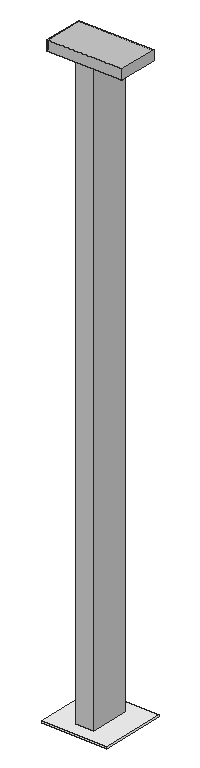
Revit family "BE_84276_de_DE", category Leuchten, Revit 2020
Family settings
  Basisbauteil = Fläche
  Bemaßung runder Anschluss = Durchmesser verwenden
  Teiletyp = Normal
  Beim Laden mit Abzugskörper schneiden = Ja
  Lichtquelle = Nein
  Gemeinsam genutzt = Nein
  Raumberechnungspunkt = Ja
Parameters (values of type "BEGA_84276_Silber_K4")
  Default Elevation = 0 mm
  Umgebungstemperatur = "25 °C"
  URL = "https://www.bega.com/de/produkt/84276"
  Typenkommentare = "© 2022 BEGA. Wir behalten uns das Recht vor, technische Änderungen ohne vorherige Ankündigung vorzunehmen."  # constant formula
  Typenbild = 84276.png
  Strom = ""
  Spannung = 239.996 V
  Sonderanfertigung = no
  Seriennummer [instance] = "Hier können Sie die eindeutige Seriennummer für das Facility Management eintragen."
  Schutzklasse = "I"
  Schutzart = "IP 65"
  Scheinlast = 0 VA
  Produktdatenblatt = "https://cdn.bega.com/bega/products/84276AK3/current/documents/data-sheets/de"
  Oberflächentemperatur = ""
  Modell = "84276AK4"
  Material_17 = BEGA_Reflektor
  Material_15 = BEGA_Leuchtmedium_matt
  Material_11 = BEGA_Glas_opal
  Material_09 = BEGA_Glas_klar
  Material_06 = BEGA_Oberfläche_Edelstahl_gebürstet
  Material_03 = BEGA_Oberfläche_Weiss_matt
  Material_02 = BEGA_Oberfläche_Silber_matt
  Material_01 [instance] = BEGA_Oberfläche_Grafit_matt
  M_W = no
  M_G = no
  M_A = yes
  Logo = 0
  Leuchtenlichtstrom = "5042 lm"
  Leuchtenanzahl = ""
  Lebensdauerkriterien = "L70B50 @ 25 °C = 200000 h"
  Lastklassifizierung = Beleuchtung
  Lampenlichtstrom = "6870 lm"
  Lampe = "LED 35.2 W"
  LED_Modulbezeichnung = "LED-0313/840"
  Hersteller = "BEGA"  # constant formula
  Halbstreuwinkel = ""
  Gewicht = "34.85 kg"
  Gebrauchslageneinschränkung [instance] = ""
  Frequenz = "0/50-60 Hz"
  Farbwiedergabeindex = "CRI > 80"
  Farbtemperatur = "4000 K"
  Energieeffizienzklasse = "LED A++ - A"
  ENEC = "ja"
  Dimmbar [instance] = "DALI"
  CE_Konformität = "ja"
  Bestellnummer = "84276AK4"
  Beschreibung_Sonderanfertigung = "Hier können Sie Informationen zur Sonderanfertigung eintragen."
  Beschreibung = "Lichtbauelement"
  Befestigungsbohrung = ""
  Befestigungsabstand = ""
  Ballwurfsicher = ""
  BEGA_Intern_aus = yes
  BEGA_Intern_an = yes
  BEGA_Intern_Konstruktion = yes
  BEGA_Intern = yes
  BEGA_IES2 = yes
  BEGA_IES1 = no
  BEGA_IES = yes
  BEGA_Dummy = no
  Anschlussleitung = ""
  Anschlussleistung [instance] = "38.3 W"
  Anschlusskasten = ""
  Aktualisierung = "2022-05-19T04:00:07"
  Abstand_zur_angestrahlten_Fläche [instance] = ""
  AC/DC = "AC/DC"
Types (4, lengths in mm): name | Modell | M_G | M_A | Leuchtenlichtstrom | Lampenlichtstrom | LED_Modulbezeichnung | Farbtemperatur | Bestellnummer | BEGA_IES2 | BEGA_IES1
  BEGA_84276_Grafit_K3 | "84276K3" | yes | no | "4902 lm" | "6680 lm" | "LED-0313/830" | "3000 K" | "84276K3" | no | yes
  BEGA_84276_Grafit_K4 | "84276K4" | yes | no | "5042 lm" | "6870 lm" | "LED-0313/840" | "4000 K" | "84276K4" | yes | no
  BEGA_84276_Silber_K4 | "84276AK4" | no | yes | "5042 lm" | "6870 lm" | "LED-0313/840" | "4000 K" | "84276AK4" | yes | no
  BEGA_84276_Silber_K3 | "84276AK3" | no | yes | "4902 lm" | "6680 lm" | "LED-0313/830" | "3000 K" | "84276AK3" | no | yes
Reference planes
  plane 1 "Mitte (Vorne/Hinten)": y = 0
  plane 2: z = 0
  plane 3 "Mitte (Links/Rechts)": x = 0
  plane 4 "Links": x = -230
  plane 5 "Rechts": x = 230
  plane 6 "Unten": y = -120
  plane 7 "Oben": y = 120
  plane 8 "Vorne": z = 3699
  plane 9 "Hinten": z = 0
Forms (mm)
  Extrusion 1, solid, material "BEGA_Platte_Weiss"
    sketch origin (0, -1119.2, 0) x (1, 0, 0) y (0, 1, 0)
      loop
        line (-200, 1319.2) -> (-200, 919.2) -> (200, 919.2) -> (200, 1319.2) -> (-200, 1319.2)
    from 0 to -10
  Extrusion 2, solid, material "BEGA_Dummy_matt", visible <- "BEGA_Dummy"
    sketch origin (80.095, -76.023, 0) x (1, 0, 0) y (0, 1, 0)
      loop
        line (-310.095, 196.023) -> (-310.095, -43.977) -> (149.905, -43.977) -> (149.905, 196.023) -> (-310.095, 196.023)
    from 0 to 3699
Dimensions and locks
  plane 1 "Mitte (Vorne/Hinten)" to Extrusion 1 = 200 mm
  aligned and locked: plane 2 to Extrusion 1
  aligned and locked: level to Extrusion 1
Nested families
  nested 1: "BE_84276" at (0, 0, 0) x (0, 1, 0) z (0, 0, 1), type "BE_84276"
    with M_W no, M_G no, BEGA_IES1 no
Connectors
  electrical at (0, 0, 0), driven by "Lastklassifizierung", driven by "Spannung", driven by "Scheinlast"
    settings: index 1, voltage 239.996 V, apparent load 0 VA, apparent load phase1 0 VA, apparent load phase2 0 VA, apparent load phase3 0 VA, power factor 1, load classification "Beleuchtung", number of poles 1, system type 31, power factor state 1, is connector primary yes, connector utility no, sub classification motor no, connector description ""
Definition of nested family "BE_84276"
  Parameters (values of type "BE_84276")
    Default Elevation = 1 mm
    URL = "http://www.bega.de/de/produkt"
    Type Comments = "© 2015 BEGA. Wir behalten uns das Recht vor, technische Änderungen ohne vorherige Ankündigung vorzunehmen. "  # constant formula
    Type Image = (empty or 0)
    Neigungswinkel_um_Z2 = 0.00°
    Neigungswinkel_um_Z1 = 0.00°
    Neigungswinkel_um_Y2 = 0.00°
    Neigungswinkel_um_Y1 = 0.00°
    Neigungswinkel_um_X2 = 0.00°
    Neigungswinkel_um_X1 = 0.00°
    Material_17 = none
    Material_15 = none
    Material_11 = none
    Material_09 = none
    Material_06 = none
    Material_02 = none
    Material_01 = none
    M_W = yes
    M_G = yes
    M_A = yes
    Länge_Platte = 200 mm  # constant formula
    Höhe_Platte = -10 mm  # constant formula
    Manufacturer = "BEGA"  # constant formula
    Drehwinkel_um_Z2 = 0.00°
    Drehwinkel_um_Z1 = 0.00°
    Breite_Platte = 200 mm  # constant formula
    BEGA_IES2 = yes
    BEGA_IES1 = yes
  Reference planes
    plane 1 "Mitte (Oben/Unten)": y = 0
    plane 2: z = 0
    plane 3 "Mitte (Links/Rechts)": x = 0
    plane 4: z = 3699
    plane 5: x = 120
    plane 6: z = 0
    plane 7: x = -120
    plane 8: y = 230
    plane 9: y = -230
  Forms (mm)
    Extrusion 1, solid, detail levels medium
      sketch origin (0, 0, 0) x (1, 0, 0) y (0, 1, 0)
        loop
          line (-100, 100) -> (-100, -100) -> (100, -100) -> (100, 100) -> (-100, 100)
      from 0 to -10 <- "Höhe_Platte"
    Extrusion 2, solid, material <- "Material_01", visible <- "M_G"
      sketch origin (0, 0, 0) x (1, 0, 0) y (0, 1, 0)
        loop
          line (120, -55) -> (120, 55) -> (-120, 55) -> (-120, -55) -> (120, -55)
        loop
          line (116, -51) -> (116, 51.975) -> (-116, 51.975) -> (-116, -51) -> (116, -51)
      from 0 to 3635.9
    Extrusion 3, solid, material <- "Material_01", visible <- "M_G"
      sketch origin (0, 2, 0) x (1, 0, 0) y (0, 1, 0)
        loop
          line (120, 228) -> (-120, 228) -> (-120, -232) -> (120, -232) -> (120, 228)
        loop
          line (-117.474, -229.474) -> (117.474, -229.474) -> (117.474, 225.474) -> (-117.474, 225.474) -> (-117.474, -229.474)
      from 3639.5 to 3696
    Extrusion 4, solid, material <- "Material_01", visible <- "M_G"
      sketch origin (0, 0, 0) x (1, 0, 0) y (0, 1, 0)
        loop
          line (-120, -230) -> (120, -230) -> (120, 230) -> (-120, 230) -> (-120, -230)
      from 3696 to 3699
    Extrusion 5, solid, material <- "Material_01", visible <- "M_G"
      sketch origin (0, 0, 0) x (1, 0, 0) y (0, 1, 0)
        loop
          line (-117.474, 227.474) -> (-117.474, -227.474) -> (117.474, -227.474) -> (117.474, 227.474) -> (-117.474, 227.474)
        loop
          line (-107.474, 220.544) -> (-107.474, 60.456) -> (107.474, 60.456) -> (107.474, 220.544) -> (-107.474, 220.544)
        loop
          line (-107.474, -220.544) -> (107.474, -220.544) -> (107.474, -60.456) -> (-107.474, -60.456) -> (-107.474, -220.544)
      from 3635.9 to 3639.5
    Extrusion 6, solid, material <- "Material_09"
      sketch origin (0, 0, 0) x (0, 1, 0) y (0, 0, 1)
        loop
          line (220.5, 3636.4) -> (220.5, 3640.4) -> (60.5, 3640.4) -> (60.5, 3636.4) -> (220.5, 3636.4)
      from -107.474 to 107.474
    Extrusion 7, solid, material <- "Material_17"
      sketch origin (0, 0, 0) x (0, 1, 0) y (0, 0, 1)
        loop
          arc (212.73, 3645.6) -> (163.423, 3672.067) -> (108.727, 3683.9) r 200.8
          line (108.727, 3683.9) -> (99.596, 3683.9) -> (97.307, 3679.936) -> (98, 3679.536) -> (100, 3683) -> (110, 3683)
          arc (110, 3683) -> (163.895, 3671.04) -> (212.468, 3644.8) r 200
          line (212.468, 3644.8) -> (215.468, 3644.8) -> (215.468, 3645.6) -> (212.73, 3645.6)
        loop
          line (89.307, 3666.079) -> (84.208, 3657.247)
          arc (84.208, 3657.247) -> (84.397, 3651.38) -> (85.426, 3645.6) r 40.8
          line (85.426, 3645.6) -> (64.468, 3645.6) -> (64.468, 3644.8) -> (86.468, 3644.8)
          arc (86.468, 3644.8) -> (85.261, 3650.853) -> (85, 3657.019) r 40
          line (85, 3657.019) -> (90, 3665.679) -> (89.307, 3666.079)
      from -107.474 to 107.474
    Extrusion 8, solid, material <- "Material_17"
      sketch origin (0, 0, 0) x (0, 1, 0) y (0, 0, 1)
        loop
          line (215.468, 3644.8) -> (215.468, 3645.6) -> (212.73, 3645.6)
          arc (212.73, 3645.6) -> (163.423, 3672.067) -> (108.727, 3683.9) r 200.8
          line (108.727, 3683.9) -> (99.596, 3683.9) -> (84.208, 3657.247)
          arc (84.208, 3657.247) -> (84.397, 3651.38) -> (85.426, 3645.6) r 40.8
          line (85.426, 3645.6) -> (64.468, 3645.6) -> (64.468, 3644.8) -> (215.468, 3644.8)
      from 42 to 107.474
    Extrusion 9, solid, material <- "Material_17"
      sketch origin (0, 0, 0) x (0, 1, 0) y (0, 0, -1)
        loop
          line (215.468, -3644.8) -> (64.468, -3644.8) -> (64.468, -3645.6) -> (85.426, -3645.6)
          arc (85.426, -3645.6) -> (84.397, -3651.38) -> (84.208, -3657.247) r 40.8
          line (84.208, -3657.247) -> (99.596, -3683.9) -> (108.727, -3683.9)
          arc (108.727, -3683.9) -> (163.423, -3672.067) -> (212.73, -3645.6) r 200.8
          line (212.73, -3645.6) -> (215.468, -3645.6) -> (215.468, -3644.8)
      from 42 to 107.474
    Extrusion 10, void
      sketch origin (0, 0, 0) x (1, 0, 0) y (0, 0, 1)
        loop
          line (-107.474, 3644.8) -> (-42, 3644.8) -> (-42, 3654.002) -> (-107.474, 3644.8)
      from -212.73 to -86.468
    Extrusion 11, void
      sketch origin (0, 0, 0) x (-1, 0, 0) y (0, 0, -1)
        loop
          line (-107.474, -3644.8) -> (-42, -3654.002) -> (-42, -3644.8) -> (-107.474, -3644.8)
      from -212.73 to -86.468
    Extrusion 12, solid, material <- "Material_15"
      sketch origin (0, 0, 0) x (0, 1, 0) y (0, 0, 1)
        loop
          line (101.755, 3690.114) -> (100.196, 3691.014) -> (81.196, 3658.105) -> (82.755, 3657.205) -> (101.755, 3690.114)
      from -42 to 42
    Extrusion 13, solid, material <- "Material_02", visible <- "M_A"
      sketch origin (0, 0, 0) x (1, 0, 0) y (0, 1, 0)
        loop
          line (120, -55) -> (120, 55) -> (-120, 55) -> (-120, -55) -> (120, -55)
        loop
          line (116, -51) -> (116, 51.975) -> (-116, 51.975) -> (-116, -51) -> (116, -51)
      from 0 to 3635.9
    Extrusion 14, solid, material <- "Material_02", visible <- "M_A"
      sketch origin (0, 2, 0) x (1, 0, 0) y (0, 1, 0)
        loop
          line (120, 228) -> (-120, 228) -> (-120, -232) -> (120, -232) -> (120, 228)
        loop
          line (-117.474, -229.474) -> (117.474, -229.474) -> (117.474, 225.474) -> (-117.474, 225.474) -> (-117.474, -229.474)
      from 3639.5 to 3696
    Extrusion 15, solid, material <- "Material_02", visible <- "M_A"
      sketch origin (0, 0, 0) x (1, 0, 0) y (0, 1, 0)
        loop
          line (-120, -230) -> (120, -230) -> (120, 230) -> (-120, 230) -> (-120, -230)
      from 3696 to 3699
    Extrusion 16, solid, material <- "Material_02", visible <- "M_A"
      sketch origin (0, 0, 0) x (1, 0, 0) y (0, 1, 0)
        loop
          line (-117.474, 227.474) -> (-117.474, -227.474) -> (117.474, -227.474) -> (117.474, 227.474) -> (-117.474, 227.474)
        loop
          line (-107.474, 220.544) -> (-107.474, 60.456) -> (107.474, 60.456) -> (107.474, 220.544) -> (-107.474, 220.544)
        loop
          line (-107.474, -220.544) -> (107.474, -220.544) -> (107.474, -60.456) -> (-107.474, -60.456) -> (-107.474, -220.544)
      from 3635.9 to 3639.5
    Extrusion 17, solid, material <- "Material_17"
      sketch origin (0, 0, 0) x (0, -1, 0) y (0, 0, -1)
        loop
          line (212.73, -3645.6) -> (215.468, -3645.6) -> (215.468, -3644.8) -> (212.468, -3644.8)
          arc (212.468, -3644.8) -> (163.895, -3671.04) -> (110, -3683) r 200
          line (110, -3683) -> (100, -3683) -> (98, -3679.536) -> (97.307, -3679.936) -> (99.596, -3683.9) -> (108.727, -3683.9)
          arc (108.727, -3683.9) -> (163.423, -3672.067) -> (212.73, -3645.6) r 200.8
        loop
          line (89.307, -3666.079) -> (90, -3665.679) -> (85, -3657.019)
          arc (85, -3657.019) -> (85.261, -3650.853) -> (86.468, -3644.8) r 40
          line (86.468, -3644.8) -> (64.468, -3644.8) -> (64.468, -3645.6) -> (85.426, -3645.6)
          arc (85.426, -3645.6) -> (84.397, -3651.38) -> (84.208, -3657.247) r 40.8
          line (84.208, -3657.247) -> (89.307, -3666.079)
      from -107.474 to 107.474
    Extrusion 18, solid, material <- "Material_17"
      sketch origin (0, 0, 0) x (0, -1, 0) y (0, 0, -1)
        loop
          line (215.468, -3644.8) -> (64.468, -3644.8) -> (64.468, -3645.6) -> (85.426, -3645.6)
          arc (85.426, -3645.6) -> (84.397, -3651.38) -> (84.208, -3657.247) r 40.8
          line (84.208, -3657.247) -> (99.596, -3683.9) -> (108.727, -3683.9)
          arc (108.727, -3683.9) -> (163.423, -3672.067) -> (212.73, -3645.6) r 200.8
          line (212.73, -3645.6) -> (215.468, -3645.6) -> (215.468, -3644.8)
      from 42 to 107.474
    Extrusion 19, solid, material <- "Material_17"
      sketch origin (0, 0, 0) x (0, -1, 0) y (0, 0, 1)
        loop
          line (215.468, 3644.8) -> (215.468, 3645.6) -> (212.73, 3645.6)
          arc (212.73, 3645.6) -> (163.423, 3672.067) -> (108.727, 3683.9) r 200.8
          line (108.727, 3683.9) -> (99.596, 3683.9) -> (84.208, 3657.247)
          arc (84.208, 3657.247) -> (84.397, 3651.38) -> (85.426, 3645.6) r 40.8
          line (85.426, 3645.6) -> (64.468, 3645.6) -> (64.468, 3644.8) -> (215.468, 3644.8)
      from 42 to 107.474
    Extrusion 20, void
      sketch origin (0, 0, 0) x (-1, 0, 0) y (0, 0, 1)
        loop
          line (-107.474, 3644.8) -> (-42, 3644.8) -> (-42, 3654.002) -> (-107.474, 3644.8)
      from -212.73 to -86.468
    Extrusion 21, void
      sketch origin (0, 0, 0) x (1, 0, 0) y (0, 0, -1)
        loop
          line (-107.474, -3644.8) -> (-42, -3654.002) -> (-42, -3644.8) -> (-107.474, -3644.8)
      from -212.73 to -86.468
    Extrusion 22, solid, material <- "Material_09"
      sketch origin (0, 0, 0) x (0, -1, 0) y (0, 0, -1)
        loop
          line (220.5, -3636.4) -> (60.5, -3636.4) -> (60.5, -3640.4) -> (220.5, -3640.4) -> (220.5, -3636.4)
      from -107.474 to 107.474
    Extrusion 23, solid, material <- "Material_15"
      sketch origin (0, 0, 0) x (0, -1, 0) y (0, 0, -1)
        loop
          line (101.755, -3690.114) -> (82.755, -3657.205) -> (81.196, -3658.105) -> (100.196, -3691.014) -> (101.755, -3690.114)
      from -42 to 42
  Cuts and joins
    Extrusion 10 cuts Extrusion 3
    Extrusion 10 cuts Extrusion 4
    joined: Extrusion 3, Extrusion 4
    Extrusion 20, Extrusion 21 cuts Extrusion 7
    Extrusion 11, Extrusion 20, Extrusion 21 cuts Extrusion 8
    Extrusion 10, Extrusion 11, Extrusion 20, Extrusion 21 cuts Extrusion 9
    joined: Extrusion 7, Extrusion 8, Extrusion 9
    joined: Extrusion 14, Extrusion 15
    Extrusion 20 cuts Extrusion 18
    Extrusion 21 cuts Extrusion 19
    joined: Extrusion 17, Extrusion 18, Extrusion 19
  Dimensions and locks
    equal spacing: Extrusion 1 sketch curve, plane 3 "Mitte (Links/Rechts)", Extrusion 1 sketch curve
    equal spacing: Extrusion 1 sketch curve, plane 1 "Mitte (Oben/Unten)", Extrusion 1 sketch curve
    "Länge_Platte": Extrusion 1 sketch curve to Extrusion 1 sketch curve
    "Breite_Platte": Extrusion 1 sketch curve to Extrusion 1 sketch curve
    aligned and locked: plane 2 to Extrusion 1
    aligned and locked: level to Extrusion 1
  Automatic sketch dimensions
    Extrusion 2 sketch curve to plane 7 = 0 mm
    Extrusion 2 sketch curve to plane 5 = 0 mm
    plane 7 to Extrusion 2 sketch curve = 4 mm
    plane 5 to Extrusion 2 sketch curve = 4 mm
    Extrusion 2 sketch curve to plane 1 "Mitte (Oben/Unten)" = 51.975 mm
    Extrusion 2 sketch curve to Extrusion 2 sketch curve = 3.025 mm
    Extrusion 3 sketch curve to plane 7 = 0 mm
    Extrusion 3 sketch curve to plane 5 = 0 mm
    plane 7 to Extrusion 3 sketch curve = 2.526 mm
    plane 5 to Extrusion 3 sketch curve = 2.526 mm
    Extrusion 3 sketch curve to Extrusion 3 sketch curve = 2.526 mm  (x2)
    Extrusion 4 sketch curve to plane 7 = 0 mm
    Extrusion 4 sketch curve to plane 5 = 0 mm
    plane 7 to Extrusion 5 sketch curve = 2.526 mm
    Extrusion 5 sketch curve to Extrusion 5 sketch curve = 10 mm  (x2)
    plane 5 to Extrusion 5 sketch curve = 12.526 mm  (x2)
    plane 5 to Extrusion 5 sketch curve = 2.526 mm
    Extrusion 5 sketch curve to Extrusion 5 sketch curve = 6.931 mm  (x2)
    Extrusion 5 sketch curve to plane 1 "Mitte (Oben/Unten)" = 60.456 mm
    Extrusion 6 sketch curve to plane 1 "Mitte (Oben/Unten)" = 60.5 mm
    Extrusion 6 sketch curve to plane 4 = 62.6 mm
    Extrusion 6 sketch curve to Extrusion 6 sketch curve = 4 mm
    Extrusion 7 sketch curve to Extrusion 7 sketch curve = 0 mm  (x5)
    Extrusion 7 sketch curve to plane 1 "Mitte (Oben/Unten)" = 64.468 mm
    Extrusion 7 sketch curve to plane 4 = 41.753 mm
    Extrusion 7 sketch curve to Extrusion 7 sketch curve = 19.74 mm
    Extrusion 7 sketch curve to plane 4 = 41.981 mm
    Extrusion 7 sketch curve to Extrusion 7 sketch curve = 0.792 mm
    Extrusion 7 sketch curve to Extrusion 7 sketch curve = 0.426 mm
    Extrusion 7 sketch curve to Extrusion 7 sketch curve = 1.042 mm
    Extrusion 7 sketch curve to plane 4 = 32.921 mm
    Extrusion 7 sketch curve to Extrusion 7 sketch curve = 4.307 mm
    Extrusion 7 sketch curve to plane 4 = 33.321 mm
    Extrusion 7 sketch curve to Extrusion 7 sketch curve = 0.693 mm  (x2)
    Extrusion 7 sketch curve to plane 1 "Mitte (Oben/Unten)" = 94.032 mm
    Extrusion 7 sketch curve to plane 4 = 19.064 mm
    Extrusion 7 sketch curve to Extrusion 7 sketch curve = 8 mm
    Extrusion 7 sketch curve to plane 4 = 19.464 mm
    Extrusion 7 sketch curve to plane 4 = 15.1 mm
    Extrusion 7 sketch curve to Extrusion 7 sketch curve = 2.289 mm
    Extrusion 7 sketch curve to plane 4 = 16 mm
    Extrusion 7 sketch curve to Extrusion 7 sketch curve = 0.404 mm
    Extrusion 7 sketch curve to Extrusion 7 sketch curve = 8.727 mm
    Extrusion 7 sketch curve to Extrusion 7 sketch curve = 1.272 mm
    Extrusion 7 sketch curve to Extrusion 7 sketch curve = 14.976 mm
    Extrusion 7 sketch curve to Extrusion 7 sketch curve = 0.262 mm
    Extrusion 7 sketch curve to Extrusion 7 sketch curve = 2.738 mm
    Extrusion 7 sketch curve to Extrusion 7 sketch curve = 27.377 mm
    Extrusion 7 sketch curve to plane 4 = 53.4 mm
    Extrusion 8 sketch curve to plane 1 "Mitte (Oben/Unten)" = 64.468 mm
    Extrusion 8 sketch curve to plane 4 = 41.753 mm
    Extrusion 8 sketch curve to Extrusion 8 sketch curve = 19.74 mm
    Extrusion 8 sketch curve to Extrusion 8 sketch curve = 1.218 mm
    Extrusion 8 sketch curve to plane 1 "Mitte (Oben/Unten)" = 94.032 mm
    Extrusion 8 sketch curve to plane 4 = 15.1 mm
    Extrusion 8 sketch curve to Extrusion 8 sketch curve = 15.388 mm
    Extrusion 8 sketch curve to Extrusion 8 sketch curve = 9.132 mm
    Extrusion 8 sketch curve to Extrusion 8 sketch curve = 16.248 mm
    Extrusion 8 sketch curve to Extrusion 8 sketch curve = 2.738 mm
    Extrusion 8 sketch curve to Extrusion 8 sketch curve = 28.276 mm
    Extrusion 8 sketch curve to plane 4 = 53.4 mm
    Extrusion 8 sketch curve to Extrusion 8 sketch curve = 0.8 mm
    Extrusion 9 sketch curve to plane 1 "Mitte (Oben/Unten)" = 64.468 mm
    Extrusion 9 sketch curve to plane 4 = 41.753 mm
    Extrusion 9 sketch curve to Extrusion 9 sketch curve = 19.74 mm
    Extrusion 9 sketch curve to Extrusion 9 sketch curve = 1.218 mm
    Extrusion 9 sketch curve to plane 1 "Mitte (Oben/Unten)" = 94.032 mm
    Extrusion 9 sketch curve to plane 4 = 15.1 mm
    Extrusion 9 sketch curve to Extrusion 9 sketch curve = 15.388 mm
    Extrusion 9 sketch curve to Extrusion 9 sketch curve = 9.132 mm
    Extrusion 9 sketch curve to Extrusion 9 sketch curve = 16.248 mm
    Extrusion 9 sketch curve to Extrusion 9 sketch curve = 2.738 mm
    Extrusion 9 sketch curve to Extrusion 9 sketch curve = 28.276 mm
    Extrusion 9 sketch curve to plane 4 = 53.4 mm
    Extrusion 9 sketch curve to Extrusion 9 sketch curve = 0.8 mm
    plane 7 to Extrusion 10 sketch curve = 12.526 mm
    Extrusion 10 sketch curve to plane 3 "Mitte (Links/Rechts)" = 42 mm
    Extrusion 10 sketch curve to plane 4 = 54.2 mm
    Extrusion 10 sketch curve to Extrusion 10 sketch curve = 9.202 mm
    Extrusion 11 sketch curve to plane 5 = 12.526 mm
    Extrusion 11 sketch curve to plane 3 "Mitte (Links/Rechts)" = 42 mm
    plane 4 to Extrusion 11 sketch curve = 54.2 mm
    Extrusion 11 sketch curve to Extrusion 11 sketch curve = 9.202 mm
    Extrusion 12 sketch curve to plane 1 "Mitte (Oben/Unten)" = 81.196 mm
    Extrusion 12 sketch curve to Extrusion 12 sketch curve = 1.559 mm  (x2)
    Extrusion 12 sketch curve to plane 4 = 7.986 mm
    Extrusion 12 sketch curve to Extrusion 12 sketch curve = 19 mm
    Extrusion 12 sketch curve to plane 4 = 8.886 mm
    Extrusion 12 sketch curve to Extrusion 12 sketch curve = 32.909 mm
    Extrusion 12 sketch curve to Extrusion 12 sketch curve = 0.9 mm
    Extrusion 13 sketch curve to plane 7 = 0 mm
    Extrusion 13 sketch curve to plane 5 = 0 mm
    plane 7 to Extrusion 13 sketch curve = 4 mm
    plane 5 to Extrusion 13 sketch curve = 4 mm
    Extrusion 13 sketch curve to plane 1 "Mitte (Oben/Unten)" = 51.975 mm
    Extrusion 13 sketch curve to Extrusion 13 sketch curve = 3.025 mm
    Extrusion 14 sketch curve to plane 7 = 0 mm
    Extrusion 14 sketch curve to plane 5 = 0 mm
    plane 7 to Extrusion 14 sketch curve = 2.526 mm
    plane 5 to Extrusion 14 sketch curve = 2.526 mm
    Extrusion 14 sketch curve to Extrusion 14 sketch curve = 2.526 mm  (x2)
    Extrusion 15 sketch curve to plane 7 = 0 mm
    Extrusion 15 sketch curve to plane 5 = 0 mm
    plane 7 to Extrusion 16 sketch curve = 2.526 mm
    Extrusion 16 sketch curve to Extrusion 16 sketch curve = 10 mm  (x2)
    plane 5 to Extrusion 16 sketch curve = 12.526 mm  (x2)
    plane 5 to Extrusion 16 sketch curve = 2.526 mm
    Extrusion 16 sketch curve to Extrusion 16 sketch curve = 6.931 mm  (x2)
    Extrusion 16 sketch curve to plane 1 "Mitte (Oben/Unten)" = 60.456 mm
    Extrusion 17 sketch curve to Extrusion 17 sketch curve = 0 mm  (x7)
    Extrusion 17 sketch curve to Extrusion 17 sketch curve = 19.74 mm
    Extrusion 17 sketch curve to Extrusion 17 sketch curve = 0.792 mm
    Extrusion 17 sketch curve to Extrusion 17 sketch curve = 0.426 mm
    Extrusion 17 sketch curve to Extrusion 17 sketch curve = 1.042 mm
    Extrusion 17 sketch curve to Extrusion 17 sketch curve = 4.307 mm
    Extrusion 17 sketch curve to Extrusion 17 sketch curve = 0.693 mm  (x2)
    plane 4 to Extrusion 17 sketch curve = 19.064 mm
    Extrusion 17 sketch curve to Extrusion 17 sketch curve = 8 mm
    plane 4 to Extrusion 17 sketch curve = 19.464 mm
    plane 4 to Extrusion 17 sketch curve = 15.1 mm
    Extrusion 17 sketch curve to Extrusion 17 sketch curve = 2.289 mm
    plane 4 to Extrusion 17 sketch curve = 16 mm
    Extrusion 17 sketch curve to Extrusion 17 sketch curve = 0.404 mm
    Extrusion 17 sketch curve to Extrusion 17 sketch curve = 8.727 mm
    Extrusion 17 sketch curve to Extrusion 17 sketch curve = 1.272 mm
    Extrusion 17 sketch curve to Extrusion 17 sketch curve = 14.976 mm
    plane 4 to Extrusion 17 sketch curve = 54.2 mm
    Extrusion 17 sketch curve to Extrusion 17 sketch curve = 87.492 mm
    Extrusion 17 sketch curve to Extrusion 17 sketch curve = 0.262 mm
    Extrusion 17 sketch curve to Extrusion 17 sketch curve = 2.738 mm
    Extrusion 17 sketch curve to Extrusion 17 sketch curve = 35.136 mm
    Extrusion 17 sketch curve to Extrusion 17 sketch curve = 0.8 mm
    Extrusion 17 sketch curve to Extrusion 17 sketch curve = 27.377 mm
    Extrusion 17 sketch curve to Extrusion 17 sketch curve = 8.66 mm
    Extrusion 17 sketch curve to Extrusion 17 sketch curve = 0.4 mm
    Extrusion 18 sketch curve to Extrusion 18 sketch curve = 19.74 mm
    Extrusion 18 sketch curve to Extrusion 18 sketch curve = 1.218 mm
    plane 4 to Extrusion 18 sketch curve = 15.1 mm
    Extrusion 18 sketch curve to Extrusion 18 sketch curve = 15.388 mm
    Extrusion 18 sketch curve to Extrusion 18 sketch curve = 9.132 mm
    Extrusion 18 sketch curve to Extrusion 18 sketch curve = 16.248 mm
    plane 4 to Extrusion 18 sketch curve = 53.4 mm
    Extrusion 18 sketch curve to Extrusion 18 sketch curve = 87.754 mm
    Extrusion 18 sketch curve to Extrusion 18 sketch curve = 2.738 mm
    Extrusion 18 sketch curve to Extrusion 18 sketch curve = 39.1 mm
    Extrusion 18 sketch curve to Extrusion 18 sketch curve = 0.8 mm
    Extrusion 18 sketch curve to Extrusion 18 sketch curve = 28.276 mm
    Extrusion 19 sketch curve to Extrusion 19 sketch curve = 19.74 mm
    Extrusion 19 sketch curve to Extrusion 19 sketch curve = 1.218 mm
    Extrusion 19 sketch curve to plane 4 = 15.1 mm
    Extrusion 19 sketch curve to Extrusion 19 sketch curve = 15.388 mm
    Extrusion 19 sketch curve to Extrusion 19 sketch curve = 9.132 mm
    Extrusion 19 sketch curve to Extrusion 19 sketch curve = 16.248 mm
    Extrusion 19 sketch curve to plane 4 = 53.4 mm
    Extrusion 19 sketch curve to Extrusion 19 sketch curve = 87.754 mm
    Extrusion 19 sketch curve to Extrusion 19 sketch curve = 2.738 mm
    Extrusion 19 sketch curve to Extrusion 19 sketch curve = 39.1 mm
    Extrusion 19 sketch curve to Extrusion 19 sketch curve = 0.8 mm
    Extrusion 19 sketch curve to Extrusion 19 sketch curve = 28.276 mm
    plane 5 to Extrusion 20 sketch curve = 12.526 mm
    plane 3 "Mitte (Links/Rechts)" to Extrusion 20 sketch curve = 42 mm
    Extrusion 20 sketch curve to plane 4 = 54.2 mm
    Extrusion 20 sketch curve to Extrusion 20 sketch curve = 9.202 mm
    plane 7 to Extrusion 21 sketch curve = 12.526 mm
    Extrusion 21 sketch curve to plane 3 "Mitte (Links/Rechts)" = 42 mm
    Extrusion 21 sketch curve to plane 4 = 44.998 mm
    Extrusion 21 sketch curve to Extrusion 21 sketch curve = 9.202 mm
    plane 4 to Extrusion 22 sketch curve = 62.6 mm
    Extrusion 22 sketch curve to Extrusion 22 sketch curve = 160 mm
    Extrusion 22 sketch curve to Extrusion 22 sketch curve = 4 mm
    Extrusion 23 sketch curve to Extrusion 23 sketch curve = 1.559 mm  (x2)
    plane 4 to Extrusion 23 sketch curve = 7.986 mm
    Extrusion 23 sketch curve to Extrusion 23 sketch curve = 19 mm
    plane 4 to Extrusion 23 sketch curve = 8.886 mm
    Extrusion 23 sketch curve to Extrusion 23 sketch curve = 32.909 mm
    Extrusion 23 sketch curve to Extrusion 23 sketch curve = 0.9 mm
    plane 1 "Mitte (Oben/Unten)" to Extrusion 2 sketch curve = 51 mm
    Extrusion 2 sketch curve to Extrusion 2 sketch curve = 4 mm
    plane 1 "Mitte (Oben/Unten)" to Extrusion 3 sketch curve = 227.474 mm
    plane 1 "Mitte (Oben/Unten)" to Extrusion 4 sketch curve = 230 mm
    plane 1 "Mitte (Oben/Unten)" to Extrusion 5 sketch curve = 60.456 mm
    Extrusion 5 sketch curve to Extrusion 5 sketch curve = 160.088 mm  (x2)
    plane 1 "Mitte (Oben/Unten)" to Extrusion 13 sketch curve = 51 mm
    Extrusion 13 sketch curve to Extrusion 13 sketch curve = 4 mm
    plane 1 "Mitte (Oben/Unten)" to Extrusion 14 sketch curve = 227.474 mm
    plane 1 "Mitte (Oben/Unten)" to Extrusion 15 sketch curve = 230 mm
    plane 1 "Mitte (Oben/Unten)" to Extrusion 16 sketch curve = 60.456 mm
    Extrusion 16 sketch curve to Extrusion 16 sketch curve = 160.088 mm  (x2)
    Extrusion 17 sketch curve to plane 1 "Mitte (Oben/Unten)" = 64.468 mm
    Extrusion 17 sketch curve to plane 1 "Mitte (Oben/Unten)" = 94.032 mm
    Extrusion 18 sketch curve to plane 1 "Mitte (Oben/Unten)" = 64.468 mm
    Extrusion 18 sketch curve to plane 1 "Mitte (Oben/Unten)" = 94.032 mm
    plane 1 "Mitte (Oben/Unten)" to Extrusion 19 sketch curve = 64.468 mm
    plane 1 "Mitte (Oben/Unten)" to Extrusion 19 sketch curve = 94.032 mm
    Extrusion 22 sketch curve to plane 1 "Mitte (Oben/Unten)" = 60.5 mm
    Extrusion 23 sketch curve to plane 1 "Mitte (Oben/Unten)" = 81.196 mm
    Extrusion 3 sketch curve to plane 1 "Mitte (Oben/Unten)" = 227.474 mm
    Extrusion 4 sketch curve to plane 1 "Mitte (Oben/Unten)" = 230 mm
    Extrusion 6 sketch curve to Extrusion 6 sketch curve = 160 mm
    Extrusion 7 sketch curve to Extrusion 7 sketch curve = 87.492 mm
    Extrusion 8 sketch curve to Extrusion 8 sketch curve = 87.754 mm
    Extrusion 9 sketch curve to Extrusion 9 sketch curve = 87.754 mm
    Extrusion 14 sketch curve to plane 1 "Mitte (Oben/Unten)" = 227.474 mm
    Extrusion 15 sketch curve to plane 1 "Mitte (Oben/Unten)" = 230 mm
  Nested families
    nested 1: "BE_84276_K4" at (0, 159.456, 3579.756) x (0, 1, 0) z (0, 0, 1), visible <- "BEGA_IES2", type "BE_84276_K4"
    nested 2: "BE_84276_K3" at (0, 159.456, 3579.756) x (0, 1, 0) z (0, 0, 1), visible <- "BEGA_IES1", type "BE_84276_K3"
    nested 3: "BE_84276_K3" at (0, -159.456, 3579.756) x (0, -1, 0) z (0, 0, 1), visible <- "BEGA_IES1", type "BE_84276_K3"
    nested 4: "BE_84276_K4" at (0, -159.456, 3579.756) x (0, -1, 0) z (0, 0, 1), visible <- "BEGA_IES2", type "BE_84276_K4"
  Definition of nested family "BE_84276_K4"
    Parameters (values of type "BE_84276_K4")
      built-in parameter 1150104 = 13.285 (stored number, unit not read)
      Wattage = 17.6 W
      Default Elevation = 1 mm
      Emit from Line Length = 609.6 mm
      built-in parameter 1150113 = 1 (stored number, unit not read)
      built-in parameter 1114218 = 1 (stored number, unit not read)
      URL = "http://www.bega.de/de/produkt"
      Type Comments = "© 2015 BEGA. Wir behalten uns das Recht vor, technische Änderungen ohne vorherige Ankündigung vorzunehmen. "  # constant formula
      Type Image = (empty or 0)
      built-in parameter 1150134 = 12
      built-in parameter 1150109 = 1 (stored number, unit not read)
      built-in parameter 1150110 = 1 (stored number, unit not read)
      Neigungswinkel_um_Z2 = 0.00°
      Neigungswinkel_um_Z1 = 0.00°
      Neigungswinkel_um_Y2 = 0.00°
      Neigungswinkel_um_Y1 = 0.00°
      Neigungswinkel_um_X2 = 0.00°
      Neigungswinkel_um_X1 = 0.00°
      Tilt Angle = 60.00°
      Material_17 = none
      Material_15 = none
      Material_11 = none
      Material_09 = none
      Material_06 = none
      Material_02 = none
      Material_01 = none
      M_W = yes
      M_G = yes
      M_A = yes
      Länge_Platte = 200 mm  # constant formula
      built-in parameter 1114217 = 1 (stored number, unit not read)
      built-in parameter 1150139 = (empty or 0)
      built-in parameter 1150105 = 1846.1 (stored number, unit not read)
      built-in parameter 1150114 = 1 (stored number, unit not read)
      Lumens = 2516.8 lm
      built-in parameter 1150115 = 1 (stored number, unit not read)
      built-in parameter 1150112 = 1 (stored number, unit not read)
      Höhe_Platte = -10 mm  # constant formula
      Manufacturer = "BEGA"  # constant formula
      Dimming Lamp Color Temperature Shift = (empty or 0)
      Color Filter = 16777215
      built-in parameter 1150133 = 10 (stored number, unit not read)
      built-in parameter 1150137 = (empty or 0)
      built-in parameter 1150132 = (empty or 0)
      Drehwinkel_um_Z2 = 0.00°
      Drehwinkel_um_Z1 = 0.00°
      Photometric Web File = "BE_84274K4.IES"
      Breite_Platte = 200 mm  # constant formula
      built-in parameter 1150106 = 18.461 (stored number, unit not read)
      built-in parameter 1150107 = 4000 (stored number, unit not read)
      built-in parameter 1150102 = (empty or 0)
      built-in parameter 1150138 = (empty or 0)
    Reference planes
      plane 1 "Mitte (Oben/Unten)": y = 0
      plane 2: z = 0
      plane 3 "Mitte (Links/Rechts)": x = 0
      plane 4 "Vorne": z = 200
      plane 5 "Hinten": z = -100
      plane 6 "Links": x = -200
      plane 7 "Rechts": x = 200
      plane 8 "Oben": y = 200
      plane 9 "Unten": y = -200
    Forms (mm)
      Extrusion 1, solid, detail levels medium
        sketch origin (0, 0, 0) x (1, 0, 0) y (0, 1, 0)
          loop
            line (-100, 100) -> (-100, -100) -> (100, -100) -> (100, 100) -> (-100, 100)
        from 0 to -10 <- "Höhe_Platte"
    Dimensions and locks
      equal spacing: Extrusion 1 sketch curve, plane 3 "Mitte (Links/Rechts)", Extrusion 1 sketch curve
      equal spacing: Extrusion 1 sketch curve, plane 1 "Mitte (Oben/Unten)", Extrusion 1 sketch curve
      "Länge_Platte": Extrusion 1 sketch curve to Extrusion 1 sketch curve
      "Breite_Platte": Extrusion 1 sketch curve to Extrusion 1 sketch curve
      aligned and locked: plane 2 to Extrusion 1
      aligned and locked: level to Extrusion 1
  Definition of nested family "BE_84276_K3"
    Parameters (values of type "BE_84276_K3")
      built-in parameter 1150104 = 12.914 (stored number, unit not read)
      Wattage = 17.6 W
      Default Elevation = 1 mm
      Emit from Line Length = 609.6 mm
      built-in parameter 1150113 = 1 (stored number, unit not read)
      built-in parameter 1114218 = 1 (stored number, unit not read)
      URL = "http://www.bega.de/de/produkt"
      Type Comments = "© 2015 BEGA. Wir behalten uns das Recht vor, technische Änderungen ohne vorherige Ankündigung vorzunehmen. "  # constant formula
      Type Image = (empty or 0)
      built-in parameter 1150134 = (empty or 0)
      built-in parameter 1150109 = 1 (stored number, unit not read)
      built-in parameter 1150110 = 1 (stored number, unit not read)
      Neigungswinkel_um_Z2 = 0.00°
      Neigungswinkel_um_Z1 = 0.00°
      Neigungswinkel_um_Y2 = 0.00°
      Neigungswinkel_um_Y1 = 0.00°
      Neigungswinkel_um_X2 = 0.00°
      Neigungswinkel_um_X1 = 0.00°
      Tilt Angle = 60.00°
      Material_17 = none
      Material_15 = none
      Material_11 = none
      Material_09 = none
      Material_06 = none
      Material_02 = none
      Material_01 = none
      M_W = yes
      M_G = yes
      M_A = yes
      Länge_Platte = 200 mm  # constant formula
      built-in parameter 1114217 = 1 (stored number, unit not read)
      built-in parameter 1150139 = (empty or 0)
      built-in parameter 1150105 = 1794.5 (stored number, unit not read)
      built-in parameter 1150114 = 1 (stored number, unit not read)
      Lumens = 2446.4 lm
      built-in parameter 1150115 = 1 (stored number, unit not read)
      built-in parameter 1150112 = 1 (stored number, unit not read)
      Höhe_Platte = -10 mm  # constant formula
      Manufacturer = "BEGA"  # constant formula
      Dimming Lamp Color Temperature Shift = (empty or 0)
      Color Filter = 16777215
      built-in parameter 1150133 = 10 (stored number, unit not read)
      built-in parameter 1150137 = (empty or 0)
      built-in parameter 1150132 = (empty or 0)
      Drehwinkel_um_Z2 = 0.00°
      Drehwinkel_um_Z1 = 0.00°
      Photometric Web File = "BE_84274K3.IES"
      Breite_Platte = 200 mm  # constant formula
      built-in parameter 1150106 = 17.945 (stored number, unit not read)
      built-in parameter 1150107 = 3000 (stored number, unit not read)
      built-in parameter 1150102 = (empty or 0)
      built-in parameter 1150138 = (empty or 0)
    Reference planes
      plane 1 "Mitte (Oben/Unten)": y = 0
      plane 2: z = 0
      plane 3 "Mitte (Links/Rechts)": x = 0
      plane 4 "Vorne": z = 200
      plane 5 "Hinten": z = -100
      plane 6 "Links": x = -200
      plane 7 "Rechts": x = 200
      plane 8 "Oben": y = 200
      plane 9 "Unten": y = -200
    Forms (mm)
      Extrusion 1, solid, detail levels medium
        sketch origin (0, 0, 0) x (1, 0, 0) y (0, 1, 0)
          loop
            line (-100, 100) -> (-100, -100) -> (100, -100) -> (100, 100) -> (-100, 100)
        from 0 to -10 <- "Höhe_Platte"
    Dimensions and locks
      equal spacing: Extrusion 1 sketch curve, plane 3 "Mitte (Links/Rechts)", Extrusion 1 sketch curve
      equal spacing: Extrusion 1 sketch curve, plane 1 "Mitte (Oben/Unten)", Extrusion 1 sketch curve
      "Länge_Platte": Extrusion 1 sketch curve to Extrusion 1 sketch curve
      "Breite_Platte": Extrusion 1 sketch curve to Extrusion 1 sketch curve
      aligned and locked: plane 2 to Extrusion 1
      aligned and locked: level to Extrusion 1
